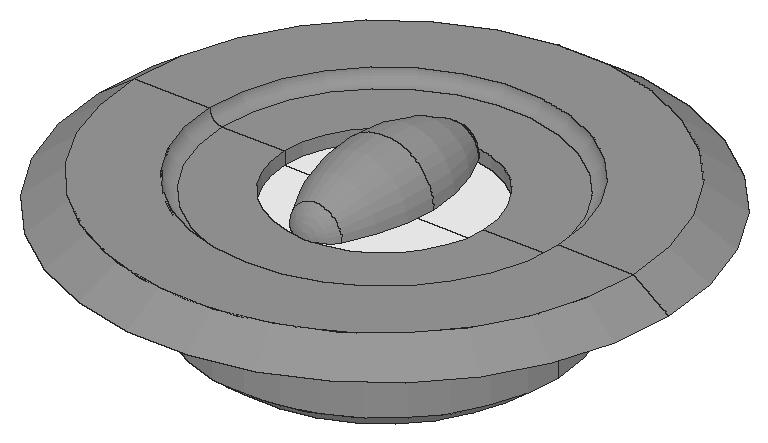
Revit family "2059463", category Lighting Fixtures, host Face, Revit 2016
Family settings
  Host = Face
  Part Type = Normal
  Round Connector Dimension = Use Diameter
  OmniClass Number = 23.80.70.00
  OmniClass Title = Lighting
  Cut with Voids When Loaded = No
  Light Source = Yes
  Shared = No
  Room Calculation Point = No
Parameters (values of type "2059463 ROUTELED II CORRIDOR DALI")
  Weight = "0.948 kg"
  Wattage Comments = ""
  Wattage = 2 W
  WarrantyStartDate [instance] = "n/a"
  WarrantyGuarantorParts = "n/a"
  WarrantyDurationUnit = "n/a"
  WarrantyDurationParts = "n/a"
  WarrantyDescription = "n/a"
  built-in parameter 1150110 = 1 (stored number, unit not read)
  Voltage = 0 V
  URL = "http://www.sylvania-lighting.com"
  TypeName = "ROUTELED II CORRIDOR DALI"
  Type Image = <None>
  Type Comments = "n/a"
  built-in parameter 1114217 = 1 (stored number, unit not read)
  Tilt Angle = -90.00°
  built-in parameter 1150109 = 1 (stored number, unit not read)
  built-in parameter 1150134 = 2
  built-in parameter 1150113 = 1 (stored number, unit not read)
  SerialNumber [instance] = "n/a"
  Photometric Web File = "2059463.ies"
  OpenArea_SYL = no
  Material_3_SYL = LED-Sylvania
  PowerFactor = 0
  PowerConsumption = "2 W"
  NominalLength = 416 mm
  NominalHeight = 27 mm
  NominalDepth = 27 mm
  Name = "ROUTELED II CORRIDOR DALI"
  ModelReference = Name  # "ROUTELED II CORRIDOR DALI"
  ModelNumber = "2059463"
  Model = Name  # "ROUTELED II CORRIDOR DALI"
  Material = "aluminium housing"
  ManufacturerName = "Feilo Sylvania"
  Manufacturer = "Feilo Sylvania"
  LuminousEfficacy = "106 lm/W"
  built-in parameter 1150105 = 204.09 (stored number, unit not read)
  Lumens = 212 lm
  LuminaireType = ""
  built-in parameter 1150115 = 1 (stored number, unit not read)
  LightOutputRatio = "100"
  built-in parameter 1150137 = (empty or 0)
  built-in parameter 1150139 = (empty or 0)
  LampsType = Lamp  # "LED"
  LampNominalLuminous = "212 lm"
  LampMacAdamStep = "5"
  LampColourTemperature = "5000 K"
  LampColourRenderingIndex = "70"
  built-in parameter 1150112 = 1 (stored number, unit not read)
  built-in parameter 1150114 = 1 (stored number, unit not read)
  Lamp = "LED"
  Keynote = "16500"
  InstallationDate [instance] = "n/a"
  InputVoltage = "n/a"
  InputNominalFrequency = "n/a"
  built-in parameter 1150132 = (empty or 0)
  built-in parameter 1150102 = (empty or 0)
  built-in parameter 1150107 = 5000 (stored number, unit not read)
  built-in parameter 1150138 = (empty or 0)
  IngressProtection = "IP20"
  ImpactProtectionIndex = "IK07"
  built-in parameter 1150106 = 2.0409 (stored number, unit not read)
  IfcExportType = "IfcLightFixtureType"
  IfcExportAs = "IfcLightFixtureType"
  Emit from Circle Diameter = 16 mm
  Emit Shape Visible in Rendering = no
  ElectricShockClassification = "Class II"
  built-in parameter 1150104 = 9.8477 (stored number, unit not read)
  DocumentationLiterature = "http://www.sylvania-lighting.com/product/en-int/products/2059463"
  DimmingControlOptions = "n/a"
  Material_2_SYL = Polycarbonate, Clear
  Dimming Lamp Color Temperature Shift = <None>
  Description = "Miniature self-test (DALI) emergency recessed luminaire downlight with corridor optic, non-maintained 3 hr emergency, standalone unit with inverter module and rechargeable battery (NiMH), quick and easy installation with inverter module and battery pack contained in articulated case that can pass through 40mm cutout, 219lm, 3W, IK07, beam angle 148 degrees, 230V, 50-60Hz, recharge period 24 hours, Power Factor 0.45, charge current 300mA, LxWxD (mm) 416x29x26."
  Default Elevation = 1219.2 mm
  CreatedOn = "5/27/2019"
  CreatedBy = "@sylvania-lighting.com"
  Cost = 0
  Corridor_SYL = yes
  Color Filter = 16777215
  built-in parameter 1114216 [instance] = (empty or 0)
  ClassificationValue = "EF_70_80"
  ClassificationName = "Uniclass2015"
  Material_1_SYL = Aluminum
  BarCode [instance] = "n/a"
  built-in parameter 1114218 = 1 (stored number, unit not read)
  built-in parameter 1150133 = 10 (stored number, unit not read)
  AssetType = "Fixed"
  AssetIdentifier [instance] = "n/a"
  Assembly Code = "D5020200"
  Apparent Load = 2 VA
  Material_4_SYL = none
Reference planes
  plane 1 "Center (Front/Back)": y = 0
  plane 2: z = 0
  plane 3 "Center (Left/Right)": x = 0
  plane 4: x = -20
  plane 5: x = -22.8
  plane 6: x = -8
  plane 7: z = 2
  plane 8: z = 1
  plane 9: x = -12
  plane 10: z = 5
  plane 11: z = -9
  plane 12: z = -7.5
  plane 13: x = -14
Forms (mm)
  Revolve 1, solid, material "Aluminum" <- "Material_1_SYL"
    sketch origin (0, 0, 0) x (1, 0, 0) y (0, 0, 1)
      loop
        line (-14, 2) -> (-20, 2) -> (-22.8, 0) -> (-14, 0) -> (-14, -7.5) -> (-12, -9) -> (0, -9) -> (0, 0) -> (-8, 0) -> (-8, 1) -> (-13, 1)
        arc (-13, 1) -> (-13.707, 1.293) -> (-14, 2) r 1
      axis (0, 2) -> (0, -9)
    angle from 360 to 0
  Revolve 2, solid, material "Polycarbonate, Clear" <- "Material_2_SYL", visible <- "OpenArea_SYL"
    sketch origin (0, 0, 0) x (1, 0, 0) y (0, 0, 1)
      loop
        arc (0, 5) -> (-4.472, 3.944) -> (-8, 1) r 10
        line (-8, 1) -> (-8, 0) -> (0, 0) -> (0, 5)
      axis (0, 5) -> (0, 0)
    angle from 360 to 0
  Revolve 3, solid, material "Polycarbonate, Clear" <- "Material_2_SYL", visible <- "Corridor_SYL"
    sketch origin (100, -4572, 1) x (0, -1, 0) y (1, 0, 0)
      loop
        arc (-4580, -100) -> (-4579.691, -101.2) -> (-4578.825, -102.087) r 2.403
        arc (-4578.825, -102.087) -> (-4575.539, -103.484) -> (-4572, -103.962) r 13.359
        arc (-4572, -103.962) -> (-4568.461, -103.484) -> (-4565.175, -102.087) r 13.359
        arc (-4565.175, -102.087) -> (-4564.309, -101.2) -> (-4564, -100) r 2.403
        line (-4564, -100) -> (-4580, -100)
      axis (-4580, -100) -> (-4564, -100)
    angle from -180 to 0
  Revolve 4, void
    sketch origin (0, 0, 0) x (1, 0, 0) y (0, 0, 1)
      loop
        line (0, -9) -> (0, 0) -> (-20, 0) -> (-20, -9) -> (0, -9)
      axis (0, 0) -> (0, -9)
    angle from 360 to 0
Cuts and joins
  Revolve 4 cuts Revolve 2
Lines and regions (mm)
  reference lines
    curve 1: arc (-2.087, 6.825, 0) -> (-3.484, 3.539, 0) -> (-3.962, 0, 0) r 13.359
    curve 2: arc (-2.087, 6.825, 0) -> (-1.2, 7.691, 0) -> (0, 8, 0) r 2.403
    curve 3: arc (-2.087, -6.825, 0) -> (-3.484, -3.539, 0) -> (-3.962, 0, 0) r 13.359
    curve 4: arc (-2.087, -6.825, 0) -> (-1.2, -7.691, 0) -> (0, -8, 0) r 2.403
Dimensions and locks
  plane 3 "Center (Left/Right)" to plane 6 to plane 4 to plane 5 = 8 mm locked, 12 mm locked, 2.8 mm locked
  locked: plane 7 to plane 2 at 2
  locked: plane 7 to plane 8 at 1
  aligned and locked: plane 2 to host face
  aligned and locked: level to host face
  aligned and locked: Revolve 1 sketch curve to plane 3 "Center (Left/Right)"
  aligned and locked: Revolve 1 sketch curve to plane 7
  aligned and locked: plane 5 to Revolve 1 sketch curve
  aligned and locked: Revolve 1 sketch curve to level  (x2)
  aligned and locked: Revolve 1 sketch curve to plane 13
  aligned and locked: plane 9 to Revolve 1 sketch curve
  aligned and locked: plane 3 "Center (Left/Right)" to Revolve 1 sketch curve  (x2)
  aligned and locked: plane 11 to Revolve 1 sketch curve
  aligned and locked: plane 8 to Revolve 1 sketch curve
  aligned and locked: Revolve 1 sketch curve to plane 6
  aligned and locked: plane 7 to Revolve 1 sketch curve
  aligned and locked: plane 13 to Revolve 1 sketch curve
  aligned and locked: Revolve 2 sketch curve to Revolve 1  (x2)
  aligned and locked: host face to Revolve 2 sketch curve  (x2)
  aligned and locked: Revolve 2 sketch curve to plane 3 "Center (Left/Right)"  (x2)
  aligned and locked: plane 3 "Center (Left/Right)" to curve 2
  aligned and locked: Revolve 3 sketch curve to plane 3 "Center (Left/Right)"  (x2)
  aligned and locked: Revolve 3 sketch curve to curve 2
  aligned and locked: Revolve 3 sketch curve to curve 1
  aligned and locked: Revolve 3 sketch curve to curve 3
  aligned and locked: Revolve 3 sketch curve to curve 4
  aligned and locked: Revolve 4 sketch curve to Revolve 1
  aligned and locked: Revolve 4 sketch curve to plane 3 "Center (Left/Right)"  (x2)
  aligned and locked: Revolve 4 sketch curve to level
  aligned and locked: plane 4 to Revolve 4 sketch curve
  aligned and locked: imposter light to plane 10
  aligned and locked: plane 3 "Center (Left/Right)" to imposter light
  aligned and locked: imposter light to plane 1 "Center (Front/Back)"
